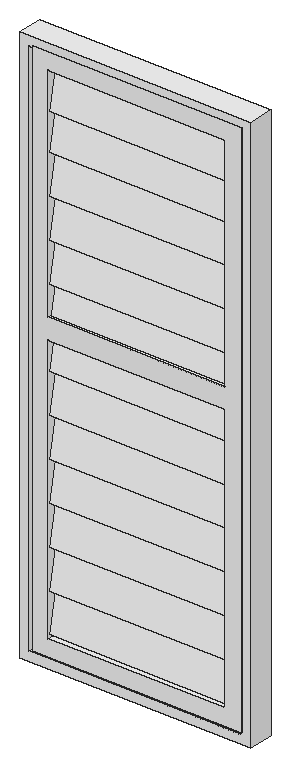
Revit family
Parameters (values of type "9 X 22")
  Assembly Code = ""
  Top Rail = 50 mm
  Stile = 50 mm
  Shutter = 합성수지
  Panel = Glass (2)
  Height = 2210 mm
  Frame Width = 50 mm
  Frame Depth = 100 mm
  Frame = 합성수지
  Default Sill Height = 0 mm
  Wall Closure = (empty or 0)
  Width = 910 mm
  Bottom Rail = 50 mm
Reference planes
  plane 1: y = 5
  plane 2 "Center (Left/Right)": x = 0
  plane 3 "Left": x = -455
  plane 4 "Right": x = 455
  plane 5 "Sill": z = 0
  plane 6 "Head": z = 2210
  plane 7 "Exterior": y = 80
  plane 8 "Interior": y = -70
  plane 9: x = -405
  plane 10: x = 405
  plane 11: y = 55
  plane 12: y = -45
  plane 13: z = 2160
  plane 14: z = 50
  plane 15: x = -355
  plane 16: x = 355
  plane 17: z = 2110
  plane 18: z = 100
  plane 19: x = -50
  plane 20: x = 50
  plane 21: z = 1105
Forms (mm)
  Sweep 1, solid, material "합성수지" <- "Frame"
    path origin (0, 5.744, -49.994) x (1, 0, 0) y (0, 0, 1)
      loop
        line (-300, 200) -> (300, 200) -> (300, 2100) -> (-300, 2100) -> (-300, 200)
    profile origin (0, 0, 1100.006) x (-1, 0, 0) y (0, -1, 0)
      loop
        line (455, 44.256) -> (420, 44.256) -> (420, 9.256) -> (405, 9.256) -> (405, -55.744) -> (455, -55.744) -> (455, 44.256)
  Extrusion 2, solid, material "합성수지" <- "Shutter"
    sketch origin (0, -45, 0) x (-1, 0, 0) y (0, 0, -1)
      loop
        line (405, -35) -> (-420, -35) -> (-420, -2175) -> (405, -2175) -> (405, -35)
      loop
        line (-355, -2110) -> (343.854, -2110) -> (343.854, -1237.749) -> (-355, -1237.749) -> (-355, -2110)
      loop
        line (-355, -100) -> (-355, -1157.749) -> (343.854, -1157.749) -> (343.854, -100) -> (-355, -100)
    from 0 to -35
  Extrusion 3, solid, material ",알루미늄"
    sketch origin (0, -38.768, -24.228) x (1, 0, 0) y (0, 0.980777, -0.19513)
      loop
        line (-343.854, -23.242) -> (-343.854, -27.5) -> (355, -27.5) -> (355, -23.242) -> (-343.854, -23.242)
    from 135.201 to 282.284
  Extrusion 4, solid, material ",알루미늄"
    sketch origin (0, -38.768, 130.772) x (1, 0, 0) y (0, 0.980777, -0.19513)
      loop
        line (-343.854, -23.242) -> (-343.854, -27.5) -> (355, -27.5) -> (355, -23.242) -> (-343.854, -23.242)
    from 135.201 to 282.284
  Extrusion 5, solid, material ",알루미늄"
    sketch origin (0, -38.768, 285.772) x (1, 0, 0) y (0, 0.980777, -0.19513)
      loop
        line (-343.854, -23.242) -> (-343.854, -27.5) -> (355, -27.5) -> (355, -23.242) -> (-343.854, -23.242)
    from 135.201 to 282.284
  Extrusion 6, solid, material ",알루미늄"
    sketch origin (0, -38.768, 440.772) x (1, 0, 0) y (0, 0.980777, -0.19513)
      loop
        line (-343.854, -23.242) -> (-343.854, -27.5) -> (355, -27.5) -> (355, -23.242) -> (-343.854, -23.242)
    from 135.201 to 282.284
  Extrusion 7, solid, material ",알루미늄"
    sketch origin (0, -38.768, 595.772) x (1, 0, 0) y (0, 0.980777, -0.19513)
      loop
        line (-343.854, -23.242) -> (-343.854, -27.5) -> (355, -27.5) -> (355, -23.242) -> (-343.854, -23.242)
    from 135.201 to 282.284
  Extrusion 8, solid, material ",알루미늄"
    sketch origin (0, -38.768, 750.772) x (1, 0, 0) y (0, 0.980777, -0.19513)
      loop
        line (-343.854, -23.242) -> (-343.854, -27.5) -> (355, -27.5) -> (355, -23.242) -> (-343.854, -23.242)
    from 135.201 to 282.284
  Extrusion 9, solid, material ",알루미늄"
    sketch origin (0, -38.768, 905.772) x (1, 0, 0) y (0, 0.980777, -0.19513)
      loop
        line (-343.854, -23.242) -> (-343.854, -27.5) -> (355, -27.5) -> (355, -23.242) -> (-343.854, -23.242)
    from 135.201 to 282.284
  Extrusion 10, solid, material ",알루미늄"
    sketch origin (0, -38.768, 1060.772) x (1, 0, 0) y (0, 0.980777, -0.19513)
      loop
        line (-343.854, -23.242) -> (-343.854, -27.5) -> (355, -27.5) -> (355, -23.242) -> (-343.854, -23.242)
    from 135.201 to 282.284
  Extrusion 11, solid, material ",알루미늄"
    sketch origin (0, -38.768, 1215.772) x (1, 0, 0) y (0, 0.980777, -0.19513)
      loop
        line (-343.854, -23.242) -> (-343.854, -27.5) -> (355, -27.5) -> (355, -23.242) -> (-343.854, -23.242)
    from 135.201 to 282.284
  Extrusion 12, solid, material ",알루미늄"
    sketch origin (0, -38.768, 1370.772) x (1, 0, 0) y (0, 0.980777, -0.19513)
      loop
        line (-343.854, -23.242) -> (-343.854, -27.5) -> (355, -27.5) -> (355, -23.242) -> (-343.854, -23.242)
    from 135.201 to 282.284
  Extrusion 13, solid, material ",알루미늄"
    sketch origin (0, -38.768, 1525.772) x (1, 0, 0) y (0, 0.980777, -0.19513)
      loop
        line (-343.854, -23.242) -> (-343.854, -27.5) -> (355, -27.5) -> (355, -23.242) -> (-343.854, -23.242)
    from 135.201 to 282.284
  Extrusion 14, solid, material ",알루미늄"
    sketch origin (0, -38.768, 1680.772) x (1, 0, 0) y (0, 0.980777, -0.19513)
      loop
        line (-343.854, -23.242) -> (-343.854, -27.5) -> (355, -27.5) -> (355, -23.242) -> (-343.854, -23.242)
    from 135.201 to 282.284
  Extrusion 15, solid, material ",알루미늄"
    sketch origin (0, -38.768, 1824.522) x (1, 0, 0) y (0, 0.980777, -0.19513)
      loop
        line (-343.854, -23.242) -> (-343.854, -27.5) -> (355, -27.5) -> (355, -23.242) -> (-343.854, -23.242)
    from 135.201 to 282.284
Lines and regions (mm)
  Opening 1
    outline origin (3500, -70, 0) x (1, 0, 0) y (0, 0, 1)
      loop
        line (-3045, 0) -> (-3045, 2210) -> (-3955, 2210) -> (-3955, 0) -> (-3045, 0)
  symbolic lines, style "WindowsFrameMullionProjection", detail levels medium+fine
    curve 1: line (-455, 55.744, 0) -> (-405, 55.744, 0)
    curve 2: line (-405, 55.744, 0) -> (-405, -15, 0)
    curve 3: line (-420, -15, 0) -> (-405, -15, 0)
    curve 4: line (-420, -15, 0) -> (-420, -45, 0)
    curve 5: line (-455, -45, 0) -> (-420, -45, 0)
    curve 6: line (455, 55.744, 0) -> (405, 55.744, 0)
    curve 7: line (405, 55.744, 0) -> (405, -14.256, 0)
    curve 8: line (405, -9.256, 0) -> (420, -9.256, 0)
    curve 9: line (420, -9.256, 0) -> (420, -44.256, 0)
    curve 10: line (420, -44.256, 0) -> (455, -44.256, 0)
    curve 11: line (455, -44.256, 0) -> (455, 55.744, 0)
    curve 13: line (-455, 55.744, 0) -> (-455, -45, 0)
  symbolic lines, style "Plan Swing"
    curve 12: line (-420, -45, 0) -> (420, -44.256, 0)
  symbolic lines, style "WindowsFrameMullionProjection", detail levels coarse
    curve 14: line (-420, -45, 0) -> (-455, -45, 0)
    curve 15: line (-420, 55.744, 0) -> (-420, -45, 0)
    curve 16: line (-455, 55.744, 0) -> (-420, 55.744, 0)
    curve 17: line (-455, -45, 0) -> (-455, 55.744, 0)
    curve 18: line (420, -44.256, 0) -> (455, -44.256, 0)
    curve 19: line (420, 55.744, 0) -> (420, -44.256, 0)
    curve 20: line (455, 55.744, 0) -> (420, 55.744, 0)
    curve 21: line (455, -44.256, 0) -> (455, 55.744, 0)
  symbolic lines, style "Elevation Swing Coarse", detail levels coarse
    curve 22: line (405, 0, 1105) -> (0, 0, 1505)
    curve 23: line (405, 0, 1105) -> (0, 0, 595)
    curve 24: line (0, 0, 1505) -> (-405, 0, 1105)
    curve 25: line (0, 0, 595) -> (-405, 0, 1105)
  symbolic lines, style "Plan Swing", detail levels coarse
    curve 26: line (-420, -9.256, 0) -> (420, -9.256, 0)
  symbolic lines, style "Elevation Swing Medium", detail levels medium
    curve 27: line (405, 0, 1105) -> (0, 0, 1505)
    curve 28: line (405, 0, 1105) -> (0, 0, 595)
    curve 29: line (0, 0, 1505) -> (-405, 0, 1105)
    curve 30: line (0, 0, 595) -> (-405, 0, 1105)
  symbolic lines, style "Elevation Swing Fine", detail levels fine
    curve 31: line (405, 0, 1105) -> (0, 0, 1505)
    curve 32: line (405, 0, 1105) -> (0, 0, 595)
    curve 33: line (0, 0, 1505) -> (-405, 0, 1105)
    curve 34: line (0, 0, 595) -> (-405, 0, 1105)
Text (mm)
  text "EXTERIOR" at (-1963.203, 1332.353, 0), in view "Ref. Level"
  text "INTERIOR" at (-1981.466, -818.386, 0), in view "Ref. Level"
  text "Exterior" at (0, 923.751, 2943.296), in view "Right"
  text "Exterior" at (0, 1040.484, 2685.409), in view "Left"
Dimensions and locks
  equal spacing: plane 3 "Left", plane 2 "Center (Left/Right)", plane 4 "Right"
  "Width": plane 3 "Left" to plane 4 "Right"
  "Height": plane 5 "Sill" to plane 6 "Head"
  "Default Sill Height": plane 5 "Sill" to level
  locked: plane 7 "Exterior" to host wall at 0
  locked: plane 8 "Interior" to host wall
  locked: Sweep 1 sketch curve to Sweep 1 sketch curve at 15
  locked: Sweep 1 sketch curve to Sweep 1 sketch curve at 35
  "Frame Width": plane 3 "Left" to plane 9
  "Frame Width": plane 10 to plane 4 "Right"
  equal spacing: plane 12, plane 1, plane 11
  "Frame Depth": plane 12 to plane 11
  "Frame Width": plane 6 "Head" to plane 13
  "Frame Width": plane 14 to plane 5 "Sill"
  "Stile": plane 15 to plane 9
  "Stile": plane 10 to plane 16
  "Stile": plane 2 "Center (Left/Right)" to plane 19
  "Stile": plane 20 to plane 2 "Center (Left/Right)"
  "Top Rail": plane 13 to plane 17
  "Bottom Rail": plane 18 to plane 14
  equal spacing: plane 6 "Head", plane 21, plane 5 "Sill"
  equal spacing: plane 8 "Interior", plane 1, plane 7 "Exterior"
  aligned and locked: Sweep 1 sketch curve to plane 3 "Left"
  aligned and locked: plane 9 to Sweep 1 sketch curve
  aligned and locked: curve 1 to Sweep 1  (x2)
  aligned and locked: curve 2 to Sweep 1
  aligned and locked: curve 3 to Sweep 1
  aligned and locked: Sweep 1 to curve 5
  aligned and locked: Sweep 1 to curve 6
  aligned and locked: curve 7 to Sweep 1
  aligned and locked: curve 7 to curve 8
  aligned and locked: Sweep 1 to curve 8
  aligned and locked: Sweep 1 to curve 9
  aligned and locked: curve 13 to curve 1
  aligned and locked: curve 13 to curve 5
  aligned and locked: plane 3 "Left" to curve 13
  aligned and locked: curve 21 to Sweep 1  (x2)
  aligned and locked: curve 26 to Sweep 1
Automatic sketch dimensions
  plane 10 to curve 8 = 15 mm
  curve 3 to curve 26 = 5.744 mm
  curve 7 to curve 8 = 5 mm
  curve 29 to plane 2 "Center (Left/Right)" = 0 mm
  curve 24 to plane 9 = 0 mm
  curve 24 to plane 21 = 0 mm
  curve 27 to plane 10 = 0 mm
  curve 27 to plane 21 = 0 mm
  curve 32 to plane 2 "Center (Left/Right)" = 0 mm
  curve 33 to plane 21 = 400 mm
  plane 21 to curve 32 = 510 mm
  Opening 1 sketch curve to level = 0 mm
  Opening 1 sketch curve to plane 3 "Left" = 0 mm
  Opening 1 sketch curve to plane 4 "Right" = 0 mm
  Opening 1 sketch curve to plane 6 "Head" = 0 mm
  plane 15 to Sweep 1 sketch curve = 55 mm
  Sweep 1 sketch curve to plane 16 = 55 mm
  Sweep 1 sketch curve to plane 18 = 50.006 mm
  plane 17 to Sweep 1 sketch curve = 59.994 mm
  Sweep 1 sketch curve to Sweep 1 sketch curve = 65 mm
  curve 12 to plane 12 = 0 mm
  Extrusion 3 sketch curve to Extrusion 3 sketch curve = 4.258 mm
  Extrusion 3 sketch curve to Extrusion 3 sketch curve = 698.854 mm
  Extrusion 4 sketch curve to Extrusion 4 sketch curve = 4.258 mm
  Extrusion 4 sketch curve to Extrusion 4 sketch curve = 698.854 mm
  Extrusion 5 sketch curve to Extrusion 5 sketch curve = 4.258 mm
  Extrusion 5 sketch curve to Extrusion 5 sketch curve = 698.854 mm
  Extrusion 6 sketch curve to Extrusion 6 sketch curve = 4.258 mm
  Extrusion 6 sketch curve to Extrusion 6 sketch curve = 698.854 mm
  Extrusion 7 sketch curve to Extrusion 7 sketch curve = 4.258 mm
  Extrusion 7 sketch curve to Extrusion 7 sketch curve = 698.854 mm
  Extrusion 8 sketch curve to Extrusion 8 sketch curve = 4.258 mm
  Extrusion 8 sketch curve to Extrusion 8 sketch curve = 698.854 mm
  Extrusion 9 sketch curve to Extrusion 9 sketch curve = 4.258 mm
  Extrusion 9 sketch curve to Extrusion 9 sketch curve = 698.854 mm
  Extrusion 10 sketch curve to Extrusion 10 sketch curve = 4.258 mm
  Extrusion 10 sketch curve to Extrusion 10 sketch curve = 698.854 mm
  Extrusion 11 sketch curve to Extrusion 11 sketch curve = 4.258 mm
  Extrusion 11 sketch curve to Extrusion 11 sketch curve = 698.854 mm
  Extrusion 12 sketch curve to Extrusion 12 sketch curve = 4.258 mm
  Extrusion 12 sketch curve to Extrusion 12 sketch curve = 698.854 mm
  Extrusion 13 sketch curve to Extrusion 13 sketch curve = 4.258 mm
  Extrusion 13 sketch curve to Extrusion 13 sketch curve = 698.854 mm
  Extrusion 14 sketch curve to Extrusion 14 sketch curve = 4.258 mm
  Extrusion 14 sketch curve to Extrusion 14 sketch curve = 698.854 mm
  Extrusion 15 sketch curve to Extrusion 15 sketch curve = 4.258 mm
  Extrusion 15 sketch curve to Extrusion 15 sketch curve = 698.854 mm
  Extrusion 2 sketch curve to plane 16 = 0 mm  (x2)
  Extrusion 2 sketch curve to plane 17 = 0 mm
  Extrusion 2 sketch curve to plane 18 = 0 mm
  Extrusion 2 sketch curve to plane 9 = 0 mm
  plane 10 to Extrusion 2 sketch curve = 15 mm
  plane 15 to Extrusion 2 sketch curve = 11.146 mm  (x2)
  Extrusion 2 sketch curve to plane 13 = 15 mm
  Extrusion 2 sketch curve to plane 21 = 52.749 mm
  plane 14 to Extrusion 2 sketch curve = 15 mm
  Extrusion 2 sketch curve to Extrusion 2 sketch curve = 80 mm
